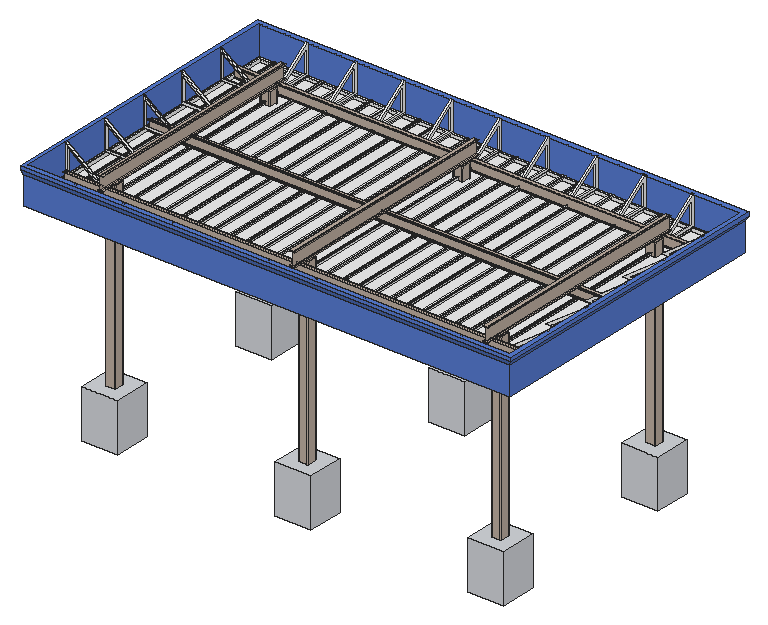
Revit family "Canopy_AustinMohawk_Tandem_2Row", category Generic Models, Revit 2026
Family settings
  Can host rebar = No
  Round Connector Dimension = Use Diameter
  Part Type = Normal
  Classification Number = 23.30.60.11.11.17
  Work Plane-Based = No
  Always vertical = Yes
  Cut with Voids When Loaded = No
  Maintain Annotation Orientation = No
  Shared = No
  Room Calculation Point = No
Parameters (values of type "ByType")
  purlext [instance] = (Purlin Length - Crossbeam CL) / 2  # 3' - 5 1/2"
  pnlcnstrnt [instance] = Canopy Length / Ceiling Panels  # 1' - 4"
  fascia = no
  faschang = 0' - 4"
  ceilext = 1' - 0 7/8"  # constant formula
  URL = "http://www.austinmohawk.com"
  SupportsW [instance] = (Canopy Width - (Purlin Lateral Offset * 2)) / 4' 0"  # 5
  SupportsL [instance] = (Canopy Length - 4' 0") / 4' 0"  # 9
  Structural Framing Material = Metal - Steel - ASTM A500 - Grade B - Rectangular and Square
  StructCLOffset = 0' - 6 27/32"
  Roof/Fascia Type [instance] = Fascia_Colonial-Foam-Core : 36"
  Purloffset = -0' - 4 15/16"
  Purlins [instance] = ((Canopy Width) / 8' 0")  # 3
  Purlin Lateral Offset = 3' - 0"
  Purlin Length [instance] = Canopy Length - 1' 1"  # 38' - 11"
  Girder Length [instance] = Canopy Width - 5' 0"  # 19' - 0"
  ftgsz = 3' - 0"
  Footing Material = Concrete - 4000psi
  ftgdpth = 4' - 0"
  Fascia Thickness = 0' - 1"
  Default Elevation = 0' - 0"
  Columns Per Row [instance] = Columns / 2  # 3
  Columns [instance] = 6
  Column Offset From Sides [instance] = 4' - 0"
  Column Offset From End [instance] = 4' - 0"
  Burial Depth [instance] = 1' - 0"
  Crossbeam CL [instance] = Canopy Length - 8' 0"  # 32' - 0"
  Column-Drainage [instance] = HSS Column : Standard column with Internal Drain
  Clearance Height [instance] = 13' - 0"
  Ceiling Panels [instance] = Canopy Length / 1' 4"  # 30
  Deck Pan Width = 1' - 4"
  Deck Pan Material [instance] = Frame - 6063-T6 Aluminum - Color As Specified
  Canopy Width [instance] = 24' - 0"
  Send Message = "http://admin.arcat.com/users.pl?action=UserEmail&company=Austin%20Mohawk%20and%20Company,%20Inc.&coid=30734&rep=121&fax=315-793-9370&mf="
  Keynote = "10 73 16"
  Fascia Material [instance] = Sheet Metal - 24 Ga - Blue
  Specification = "http://www.arcat.com/sd/clients/austinmo.html?coid=30734"
  Sales Information = "http://www.austinmohawk.com/contact.asp"
  Product Properties = "http://www.arcat.com/bim/bim_info.pl?fn=PreEngr-Building_AustinMohawk_Classic"
  Product Data = "http://www.arcat.com/arcatcos/cos30/arc30734.html"
  Column Material [instance] = Metal - Steel - ASTM A500 - Grade B - Rectangular and Square
  Model = "Canopy"
  Manufacturer Website = "http://www.austinmohawk.com"
  Manufacturer Phone - Toll Free = "800-765-3110 "
  Manufacturer Phone = "315-793-3000 "
  Manufacturer Fax = "315-793-9370"
  Manufacturer Address = "2175 Beechgrove Place, Utica, NY 13501\r\n"
  Manufacturer = "Austin Mohawk"
  Green Building-LEED = "http://www.arcat.com/green/green_building.shtml"
  Drawn By = "Robert S. Weygant. CSI, CDT, SCIP"
  Description = "Austin Mohawk Canopy - Type as specified in the Contract Documents"
  Copyright = "2009, ARCAT, Inc."
  Construction Details = "http://www.arcat.com/details/austinmo/prod0873.html"
  Canopy Length [instance] = 40' - 0"
  Assembly Code = "F1010200"
Reference planes (in)
  plane 1 "Center (Front/Back)": y = 393.56938
  plane 2: z = 0
  plane 3 "Center": x = 833.0521
  plane 4: x = 593.0521
  plane 5: x = 1073.0521
  plane 6: y = 537.56938
  plane 7 "Front": y = 249.56938
  plane 8 "Bottom of Canopy": z = 156
  plane 9 "T.O. Footing": z = -12
  plane 10: z = -60
  plane 11 "Structural CL": z = 175.71875
  plane 12: y = 507.56938
  plane 13: y = 279.56938
  plane 14: y = 501.56938
  plane 15: y = 285.56938
  plane 16: x = 599.5521
  plane 17: x = 1066.5521
  plane 18 "TO Purlin": z = 168.875
  plane 19: x = 609.0521
  plane 20 "Bottom Fascia": z = 152
  plane 21 "TO Ceiling": z = 159
  plane 22: x = 1025.0521
  plane 23: x = 641.0521
  plane 24: y = 297.56938
  plane 25: y = 489.56938
  plane 26: x = 1085.0521
  plane 27: y = 489.56938
  plane 28: y = 297.56938
Forms (in)
  Sweep 1, solid, material "Metal - Steel - ASTM A500 - Grade B - Rectangular and Square" <- "Structural Framing Material"
    path origin (0, -188.03906, 168.87695) x (0, 1, 0) y (-1, 0, 0)
      loop
        line (475.58891, -599.5521) -> (475.58891, -1066.5521)
    profile "W-Wide Flange-Profile-Fine : W10X12" origin (833.0521, 287.54985, 168.87695) x (0, 1, 0) y (0, 0, 1)
      loop
        line (-1.98047, -9.87305) -> (1.98047, -9.87305) -> (1.98047, -9.66211) -> (0.63477, -9.66211)
        arc (0.63477, -9.66211) -> (0.25359, -9.50422) -> (0.0957, -9.12305) r 0.53906
        line (0.0957, -9.12305) -> (0.0957, -0.75195)
        arc (0.0957, -0.75195) -> (0.25359, -0.37078) -> (0.63477, -0.21289) r 0.53906
        line (0.63477, -0.21289) -> (1.98047, -0.21289) -> (1.98047, -0.00195) -> (-1.98047, -0.00195) -> (-1.98047, -0.21289) -> (-0.63477, -0.21289)
        arc (-0.63477, -0.21289) -> (-0.25359, -0.37078) -> (-0.0957, -0.75195) r 0.53906
        line (-0.0957, -0.75195) -> (-0.0957, -9.12305)
        arc (-0.0957, -9.12305) -> (-0.25359, -9.50422) -> (-0.63477, -9.66211) r 0.53906
        line (-0.63477, -9.66211) -> (-1.98047, -9.66211) -> (-1.98047, -9.87305)
  Sweep 2, solid, material "Metal - Steel - ASTM A500 - Grade B - Rectangular and Square" <- "Structural Framing Material"
    path origin (0, 24, 168.87695) x (0, 1, 0) y (-1, 0, 0)
      loop
        line (475.58891, -599.5521) -> (475.58891, -1066.5521)
    profile "W-Wide Flange-Profile-Fine : W10X12" origin (833.0521, 499.58891, 168.87695) x (0, 1, 0) y (0, 0, 1)
      loop
        line (-1.98047, -9.87305) -> (1.98047, -9.87305) -> (1.98047, -9.66211) -> (0.63477, -9.66211)
        arc (0.63477, -9.66211) -> (0.25359, -9.50422) -> (0.0957, -9.12305) r 0.53906
        line (0.0957, -9.12305) -> (0.0957, -0.75195)
        arc (0.0957, -0.75195) -> (0.25359, -0.37078) -> (0.63477, -0.21289) r 0.53906
        line (0.63477, -0.21289) -> (1.98047, -0.21289) -> (1.98047, -0.00195) -> (-1.98047, -0.00195) -> (-1.98047, -0.21289) -> (-0.63477, -0.21289)
        arc (-0.63477, -0.21289) -> (-0.25359, -0.37078) -> (-0.0957, -0.75195) r 0.53906
        line (-0.0957, -0.75195) -> (-0.0957, -9.12305)
        arc (-0.0957, -9.12305) -> (-0.25359, -9.50422) -> (-0.63477, -9.66211) r 0.53906
        line (-0.63477, -9.66211) -> (-1.98047, -9.66211) -> (-1.98047, -9.87305)
  Sweep 3, solid, material "Metal - Steel - ASTM A500 - Grade B - Rectangular and Square" <- "Structural Framing Material"
    path origin (0, -82.01953, 168.87695) x (0, 1, 0) y (-1, 0, 0)
      loop
        line (475.58891, -599.5521) -> (475.58891, -1066.5521)
    profile "W-Wide Flange-Profile-Fine : W10X12" origin (833.0521, 393.56938, 168.87695) x (0, 1, 0) y (0, 0, 1)
      loop
        line (-1.98047, -9.87305) -> (1.98047, -9.87305) -> (1.98047, -9.66211) -> (0.63477, -9.66211)
        arc (0.63477, -9.66211) -> (0.25359, -9.50422) -> (0.0957, -9.12305) r 0.53906
        line (0.0957, -9.12305) -> (0.0957, -0.75195)
        arc (0.0957, -0.75195) -> (0.25359, -0.37078) -> (0.63477, -0.21289) r 0.53906
        line (0.63477, -0.21289) -> (1.98047, -0.21289) -> (1.98047, -0.00195) -> (-1.98047, -0.00195) -> (-1.98047, -0.21289) -> (-0.63477, -0.21289)
        arc (-0.63477, -0.21289) -> (-0.25359, -0.37078) -> (-0.0957, -0.75195) r 0.53906
        line (-0.0957, -0.75195) -> (-0.0957, -9.12305)
        arc (-0.0957, -9.12305) -> (-0.25359, -9.50422) -> (-0.63477, -9.66211) r 0.53906
        line (-0.63477, -9.66211) -> (-1.98047, -9.66211) -> (-1.98047, -9.87305)
  Extrusion 4, solid, material "Frame - 6063-T6 Aluminum - Color As Specified" <- "Deck Pan Material"
    sketch origin (0, 0, 159) x (-1, 0, 0) y (0, -1, 0)
      loop
        line (-593.0521, -537.56938) -> (-593.0521, -249.56938) -> (-1073.0521, -249.56938) -> (-1073.0521, -537.56938) -> (-593.0521, -537.56938)
      loop
        line (-596.0521, -534.56938) -> (-596.0521, -252.56938) -> (-1070.0521, -252.56938) -> (-1070.0521, -534.56938) -> (-596.0521, -534.56938)
    from -7 to 0
Dimensions and locks (in)
  "Burial Depth": plane 2 to plane 9 "T.O. Footing"
  "ftgdpth": plane 9 "T.O. Footing" to plane 10
  "Clearance Height": plane 8 "Bottom of Canopy" to plane 2
  equal spacing: plane 4, plane 3 "Center", plane 5
  equal spacing: plane 6, plane 1 "Center (Front/Back)", plane 7 "Front"
  "Canopy Length": plane 4 to plane 5
  "Canopy Width": plane 6 to plane 7 "Front"
  equal spacing: plane 12, plane 1 "Center (Front/Back)", plane 13
  "Girder Length": plane 12 to plane 13
  "Purlin Lateral Offset": plane 6 to plane 14
  "Purlin Lateral Offset": plane 15 to plane 7 "Front"
  equal spacing: plane 16, plane 3 "Center", plane 17
  "Purlin Length": plane 16 to plane 17
  "StructCLOffset": plane 11 "Structural CL" to plane 18 "TO Purlin"
  equal spacing: group 1, group 42, group 2  (x3)
  "Purlin Length": Sweep 1 sketch curve to Sweep 1 sketch curve
  "Purlin Length": Sweep 2 sketch curve to Sweep 2 sketch curve
  locked: plane 18 "TO Purlin" to plane 8 "Bottom of Canopy" at 12.875
  "pnlcnstrnt": plane 19 to plane 4
  equal spacing: group 3, group 4, group 5, group 6, group 7, group 8, group 9, group 10, group 11, group 12, group 13, group 14, group 15, group 16, group 17, group 18, group 19, group 20, group 21, group 22, group 23, group 24, group 25, group 26, group 27, group 28, group 29, group 30, group 31, group 32  (x3)
  "faschang": plane 8 "Bottom of Canopy" to plane 20 "Bottom Fascia"
  locked: plane 21 "TO Ceiling" to plane 8 "Bottom of Canopy" at 3
  "Column Offset From End": plane 23 to plane 4
  "Column Offset From End": plane 5 to plane 22
  equal spacing: group 34, group 35, group 33
  equal spacing: group 33, group 35, group 34  (x2)
  "Column Offset From Sides": plane 6 to plane 25
  "Column Offset From Sides": plane 24 to plane 7 "Front"
  equal spacing: group 37, group 38, group 36
  equal spacing: group 36, group 38, group 37  (x2)
  equal spacing: group 40, group 41, group 39
  equal spacing: group 39, group 41, group 40  (x2)
  "Purlin Length": Sweep 3 sketch curve to Sweep 3 sketch curve
  locked: Extrusion 4 sketch curve to Extrusion 4 sketch curve at 3  (x4)
  aligned and locked: plane 2 to level
  aligned and locked: Sweep 1 to plane 15
  aligned and locked: Sweep 2 to plane 14
  aligned and locked: plane 6 to nested 1
  aligned and locked: plane 4 to nested 1
  aligned and locked: plane 19 to nested 2
  aligned and locked: plane 7 "Front" to nested 2
  aligned and locked: nested 2 to plane 6
  aligned and locked: plane 18 "TO Purlin" to Sweep 2
  aligned and locked: plane 18 "TO Purlin" to Sweep 1
  aligned and locked: plane 9 "T.O. Footing" to nested 16
  aligned and locked: nested 32 to plane 10
  aligned and locked: plane 22 to nested 16
  aligned and locked: plane 22 to nested 32
  aligned and locked: plane 1 "Center (Front/Back)" to nested 33
  aligned and locked: plane 22 to nested 33
  aligned and locked: nested 33 to plane 18 "TO Purlin"
  aligned and locked: plane 23 to nested 34
  aligned and locked: nested 34 to plane 18 "TO Purlin"
  aligned and locked: plane 1 "Center (Front/Back)" to nested 34
  aligned and locked: nested 32 to plane 24
  aligned and locked: nested 16 to plane 24
  aligned and locked: plane 22 to nested 36
  aligned and locked: plane 22 to nested 37
  aligned and locked: nested 37 to plane 10
  aligned and locked: plane 9 "T.O. Footing" to nested 36
  aligned and locked: nested 36 to plane 25
  aligned and locked: nested 37 to plane 25
  aligned and locked: nested 38 to plane 25
  aligned and locked: nested 39 to plane 25
  aligned and locked: plane 23 to nested 39
  aligned and locked: plane 23 to nested 38
  aligned and locked: nested 39 to plane 10
  aligned and locked: plane 9 "T.O. Footing" to nested 38
  aligned and locked: plane 23 to nested 43
  aligned and locked: plane 23 to nested 42
  aligned and locked: nested 42 to plane 24
  aligned and locked: nested 43 to plane 24
  aligned and locked: nested 43 to plane 10
  aligned and locked: plane 9 "T.O. Footing" to nested 42
  aligned and locked: plane 7 "Front" to Extrusion 4 sketch curve
  aligned and locked: Extrusion 4 sketch curve to plane 5
  aligned and locked: Extrusion 4 sketch curve to plane 6
  aligned and locked: plane 4 to Extrusion 4 sketch curve
  aligned and locked: Extrusion 4 to plane 21 "TO Ceiling"
  aligned and locked: Extrusion 4 to plane 20 "Bottom Fascia"
  aligned and locked: plane 25 to plane 27
  aligned and locked: plane 24 to plane 28
  aligned and locked: plane 8 "Bottom of Canopy" to nested 46
  aligned and locked: nested 46 to plane 3 "Center"
  aligned and locked: plane 1 "Center (Front/Back)" to nested 46
Nested families (in)
  nested 1: "ceiling panel" at (593.0521, 537.56938, 156), length <- "Canopy Width", Wdth <- "pnlcnstrnt", built-in parameter 1001364 <- "Clearance Height", type "ceiling panel", detail levels fine
    with length 24' - 0", Wdth 1' - 4"
  nested 2: "ceiling panel" at (609.0521, 537.56938, 156), length <- "Canopy Width", Wdth <- "pnlcnstrnt", built-in parameter 1001364 <- "Clearance Height", type "ceiling panel", detail levels fine
    with length 24' - 0", Wdth 1' - 4"
  nested 3: "ceiling panel" at (625.0521, 537.56938, 156), length <- "Canopy Width", Wdth <- "pnlcnstrnt", built-in parameter 1001364 <- "Clearance Height", type "ceiling panel", detail levels fine
    with length 24' - 0", Wdth 1' - 4"
  nested 4: "ceiling panel" at (641.0521, 537.56938, 156), length <- "Canopy Width", Wdth <- "pnlcnstrnt", built-in parameter 1001364 <- "Clearance Height", type "ceiling panel", detail levels fine
    with length 24' - 0", Wdth 1' - 4"
  nested 5: "ceiling panel" at (657.0521, 537.56938, 156), length <- "Canopy Width", Wdth <- "pnlcnstrnt", built-in parameter 1001364 <- "Clearance Height", type "ceiling panel", detail levels fine
    with length 24' - 0", Wdth 1' - 4"
  nested 6: "ceiling panel" at (673.0521, 537.56938, 156), length <- "Canopy Width", Wdth <- "pnlcnstrnt", built-in parameter 1001364 <- "Clearance Height", type "ceiling panel", detail levels fine
    with length 24' - 0", Wdth 1' - 4"
  nested 7: "ceiling panel" at (689.0521, 537.56938, 156), length <- "Canopy Width", Wdth <- "pnlcnstrnt", built-in parameter 1001364 <- "Clearance Height", type "ceiling panel", detail levels fine
    with length 24' - 0", Wdth 1' - 4"
  nested 8: "ceiling panel" at (705.0521, 537.56938, 156), length <- "Canopy Width", Wdth <- "pnlcnstrnt", built-in parameter 1001364 <- "Clearance Height", type "ceiling panel", detail levels fine
    with length 24' - 0", Wdth 1' - 4"
  nested 9: "ceiling panel" at (721.0521, 537.56938, 156), length <- "Canopy Width", Wdth <- "pnlcnstrnt", built-in parameter 1001364 <- "Clearance Height", type "ceiling panel", detail levels fine
    with length 24' - 0", Wdth 1' - 4"
  nested 10: "ceiling panel" at (737.0521, 537.56938, 156), length <- "Canopy Width", Wdth <- "pnlcnstrnt", built-in parameter 1001364 <- "Clearance Height", type "ceiling panel", detail levels fine
    with length 24' - 0", Wdth 1' - 4"
  nested 11: "ceiling panel" at (753.0521, 537.56938, 156), length <- "Canopy Width", Wdth <- "pnlcnstrnt", built-in parameter 1001364 <- "Clearance Height", type "ceiling panel", detail levels fine
    with length 24' - 0", Wdth 1' - 4"
  nested 12: "ceiling panel" at (769.0521, 537.56938, 156), length <- "Canopy Width", Wdth <- "pnlcnstrnt", built-in parameter 1001364 <- "Clearance Height", type "ceiling panel", detail levels fine
    with length 24' - 0", Wdth 1' - 4"
  nested 13: "ceiling panel" at (785.0521, 537.56938, 156), length <- "Canopy Width", Wdth <- "pnlcnstrnt", built-in parameter 1001364 <- "Clearance Height", type "ceiling panel", detail levels fine
    with length 24' - 0", Wdth 1' - 4"
  nested 14: "ceiling panel" at (801.0521, 537.56938, 156), length <- "Canopy Width", Wdth <- "pnlcnstrnt", built-in parameter 1001364 <- "Clearance Height", type "ceiling panel", detail levels fine
    with length 24' - 0", Wdth 1' - 4"
  nested 15: "ceiling panel" at (817.0521, 537.56938, 156), length <- "Canopy Width", Wdth <- "pnlcnstrnt", built-in parameter 1001364 <- "Clearance Height", type "ceiling panel", detail levels fine
    with length 24' - 0", Wdth 1' - 4"
  nested 16: "HSS Column" at (1025.0521, 297.56938, 0), type <- "Column-Drainage", height <- "Clearance Height", ceilext <- "ceilext", type "Standard column with Internal Drain"
    with height 13' - 0", ceilext 1' - 0 7/8"
  nested 17: "ceiling panel" at (833.0521, 537.56938, 156), length <- "Canopy Width", Wdth <- "pnlcnstrnt", built-in parameter 1001364 <- "Clearance Height", type "ceiling panel", detail levels fine
    with length 24' - 0", Wdth 1' - 4"
  nested 18: "ceiling panel" at (849.0521, 537.56938, 156), length <- "Canopy Width", Wdth <- "pnlcnstrnt", built-in parameter 1001364 <- "Clearance Height", type "ceiling panel", detail levels fine
    with length 24' - 0", Wdth 1' - 4"
  nested 19: "ceiling panel" at (865.0521, 537.56938, 156), length <- "Canopy Width", Wdth <- "pnlcnstrnt", built-in parameter 1001364 <- "Clearance Height", type "ceiling panel", detail levels fine
    with length 24' - 0", Wdth 1' - 4"
  nested 20: "ceiling panel" at (881.0521, 537.56938, 156), length <- "Canopy Width", Wdth <- "pnlcnstrnt", built-in parameter 1001364 <- "Clearance Height", type "ceiling panel", detail levels fine
    with length 24' - 0", Wdth 1' - 4"
  nested 21: "ceiling panel" at (897.0521, 537.56938, 156), length <- "Canopy Width", Wdth <- "pnlcnstrnt", built-in parameter 1001364 <- "Clearance Height", type "ceiling panel", detail levels fine
    with length 24' - 0", Wdth 1' - 4"
  nested 22: "ceiling panel" at (913.0521, 537.56938, 156), length <- "Canopy Width", Wdth <- "pnlcnstrnt", built-in parameter 1001364 <- "Clearance Height", type "ceiling panel", detail levels fine
    with length 24' - 0", Wdth 1' - 4"
  nested 23: "ceiling panel" at (929.0521, 537.56938, 156), length <- "Canopy Width", Wdth <- "pnlcnstrnt", built-in parameter 1001364 <- "Clearance Height", type "ceiling panel", detail levels fine
    with length 24' - 0", Wdth 1' - 4"
  nested 24: "ceiling panel" at (945.0521, 537.56938, 156), length <- "Canopy Width", Wdth <- "pnlcnstrnt", built-in parameter 1001364 <- "Clearance Height", type "ceiling panel", detail levels fine
    with length 24' - 0", Wdth 1' - 4"
  nested 25: "ceiling panel" at (961.0521, 537.56938, 156), length <- "Canopy Width", Wdth <- "pnlcnstrnt", built-in parameter 1001364 <- "Clearance Height", type "ceiling panel", detail levels fine
    with length 24' - 0", Wdth 1' - 4"
  nested 26: "ceiling panel" at (977.0521, 537.56938, 156), length <- "Canopy Width", Wdth <- "pnlcnstrnt", built-in parameter 1001364 <- "Clearance Height", type "ceiling panel", detail levels fine
    with length 24' - 0", Wdth 1' - 4"
  nested 27: "ceiling panel" at (993.0521, 537.56938, 156), length <- "Canopy Width", Wdth <- "pnlcnstrnt", built-in parameter 1001364 <- "Clearance Height", type "ceiling panel", detail levels fine
    with length 24' - 0", Wdth 1' - 4"
  nested 28: "ceiling panel" at (1009.0521, 537.56938, 156), length <- "Canopy Width", Wdth <- "pnlcnstrnt", built-in parameter 1001364 <- "Clearance Height", type "ceiling panel", detail levels fine
    with length 24' - 0", Wdth 1' - 4"
  nested 29: "ceiling panel" at (1025.0521, 537.56938, 156), length <- "Canopy Width", Wdth <- "pnlcnstrnt", built-in parameter 1001364 <- "Clearance Height", type "ceiling panel", detail levels fine
    with length 24' - 0", Wdth 1' - 4"
  nested 30: "ceiling panel" at (1041.0521, 537.56938, 156), length <- "Canopy Width", Wdth <- "pnlcnstrnt", built-in parameter 1001364 <- "Clearance Height", type "ceiling panel", detail levels fine
    with length 24' - 0", Wdth 1' - 4"
  nested 31: "ceiling panel" at (1057.0521, 537.56938, 156), length <- "Canopy Width", Wdth <- "pnlcnstrnt", built-in parameter 1001364 <- "Clearance Height", type "ceiling panel", detail levels fine
    with length 24' - 0", Wdth 1' - 4"
  nested 32: "footing" at (1025.0521, 297.56938, -60), type "footing"
    with size 3' - 0", depth 4' - 0"
  nested 33: "W14" at (1025.0521, 393.56938, 168.875), type "W14"
    with length 19' - 0"
  nested 34: "W14" at (641.0521, 393.56938, 168.875), type "W14"
    with length 19' - 0"
  nested 35: "W14" at (833.0521, 393.56938, 168.875), type "W14"
    with length 19' - 0"
  nested 36: "HSS Column" at (1025.0521, 489.56938, 0), type <- "Column-Drainage", height <- "Clearance Height", ceilext <- "ceilext", type "Standard column with Internal Drain"
    with height 13' - 0", ceilext 1' - 0 7/8"
  nested 37: "footing" at (1025.0521, 489.56938, -60), type "footing"
    with size 3' - 0", depth 4' - 0"
  nested 38: "HSS Column" at (641.0521, 489.56938, 0), type <- "Column-Drainage", height <- "Clearance Height", ceilext <- "ceilext", type "Standard column with Internal Drain"
    with height 13' - 0", ceilext 1' - 0 7/8"
  nested 39: "footing" at (641.0521, 489.56938, -60), type "footing"
    with size 3' - 0", depth 4' - 0"
  nested 40: "HSS Column" at (833.0521, 489.56938, 0), type <- "Column-Drainage", height <- "Clearance Height", ceilext <- "ceilext", type "Standard column with Internal Drain"
    with height 13' - 0", ceilext 1' - 0 7/8"
  nested 41: "footing" at (833.0521, 489.56938, -60), type "footing"
    with size 3' - 0", depth 4' - 0"
  nested 42: "HSS Column" at (641.0521, 297.56938, 0), type <- "Column-Drainage", height <- "Clearance Height", ceilext <- "ceilext", type "Standard column with Internal Drain"
    with height 13' - 0", ceilext 1' - 0 7/8"
  nested 43: "footing" at (641.0521, 297.56938, -60), type "footing"
    with size 3' - 0", depth 4' - 0"
  nested 44: "HSS Column" at (833.0521, 297.56938, 0), type <- "Column-Drainage", height <- "Clearance Height", ceilext <- "ceilext", type "Standard column with Internal Drain"
    with height 13' - 0", ceilext 1' - 0 7/8"
  nested 45: "footing" at (833.0521, 297.56938, -60), type "footing"
    with size 3' - 0", depth 4' - 0"
  nested 46: "Fascia_Colonial-Foam-Core" at (833.0521, 393.56938, 156), Width <- "Canopy Length", Length <- "Canopy Width", Facia Material <- "Fascia Material", type <- "Roof/Fascia Type", type "36""
    with built-in parameter 1001301 40' - 0", Supports W 9, Supports L 5, Length 24' - 0", Facia Material Sheet Metal - 24 Ga - Blue, sprtht 2' - 5"
Definition of nested family "ceiling panel"
  Parameters
    length [instance] = 7' - 10.44661"
    ceiling material = none
    Wdth [instance] = 1' - 4"
    Default Elevation = 0' - 0"
  Reference planes (in)
    plane 1 "Center (Front/Back)": y = 0
    plane 2: z = 0
    plane 3 "Center (Left/Right)": x = 0
    plane 4: x = 16
    plane 5: y = -94.44661
  Forms (in)
    Extrusion 1, solid, material <- "ceiling material"
      sketch origin (0, 0, 0) x (1, 0, 0) y (0, 0, 1)
        loop
          line (0, 0) -> (16, 0) -> (16, 3) -> (14.75, 3) -> (14.75, 2.75) -> (15.75, 2.75) -> (15.75, 0.25) -> (0.25, 0.25) -> (0.25, 2.75) -> (1.25, 2.75) -> (1.25, 3) -> (0, 3) -> (0, 0)
      from 0 to 94.44661
  Dimensions and locks (in)
    Extrusion 1 sketch curve to Extrusion 1 sketch curve = 0' - 0 1/4"  (x2)
    locked: Extrusion 1 sketch curve to Extrusion 1 sketch curve at 1.25  (x2)
    locked: Extrusion 1 sketch curve to Extrusion 1 sketch curve at 0.25  (x3)
    "Wdth": plane 4 to plane 3 "Center (Left/Right)"
    "length": plane 5 to plane 1 "Center (Front/Back)"
    aligned and locked: plane 3 "Center (Left/Right)" to Extrusion 1 sketch curve
    aligned and locked: Extrusion 1 sketch curve to level
    aligned and locked: plane 4 to Extrusion 1 sketch curve
    aligned and locked: Extrusion 1 to plane 5
    aligned and locked: Extrusion 1 to plane 1 "Center (Front/Back)"
  Automatic sketch dimensions
    Extrusion 1 sketch curve to Extrusion 1 sketch curve = 0' - 2 1/2"  (x2)
Definition of nested family "HSS Column"
  Parameters
    material = none
    height [instance] = 6' - 0 95/256"
    drnloc = 0' - 6 1/2"
    ceilext [instance] = 0' - 8"
    burial depth = 1' - 0"
    Shroud = no
    Manufacturer = "Austin Mohawk"
    Ext Drain = no
    Assembly Code = ""
  Reference planes (in)
    plane 1 "Center (Front/Back)": y = 0
    plane 2: z = 0
    plane 3 "Center (Left/Right)": x = 0
    plane 4: z = 72.37109
    plane 5: z = 2
    plane 6: z = -12
    plane 7: z = 80.37109
  Forms (in)
    Extrusion 1, solid, material <- "material", visible <- "Shroud"
      sketch origin (0, 0, 0) x (1, 0, 0) y (0, 1, 0)
        loop
          line (-8, 12) -> (-8, -12) -> (8, -12) -> (8, 12) -> (-8, 12)
        loop
          line (-7.75, 11.75) -> (-7.75, -11.75) -> (7.75, -11.75) -> (7.75, 11.75) -> (-7.75, 11.75)
      from 0 to 72.37109
    Sweep 2, solid, material <- "material", visible <- "Ext Drain"
      path origin (0, 0, 0) x (1, 0, 0) y (0, 0, 1)
        loop
          line (6.5, 72.37109) -> (6.5, 4)
          arc (6.5, 4) -> (7.08579, 2.58579) -> (8.5, 2) r 2
          line (8.5, 2) -> (10.5, 2)
      profile origin (6.5, 0, 38.18555) x (0, -1, 0) y (1, 0, 0)
        loop
          circle (0, 0) r 1.5
    Sweep 3, solid, material <- "material"
      path origin (0, 0, 0) x (1, 0, 0) y (0, 0, 1)
        loop
          line (0, 80.37109) -> (0, -12)
      profile "Hollow-Structural-Section-Profile-Fine : HSS10X10X1/2" origin (0, 0, 34.18555) x (1, 0, 0) y (0, -1, 0)
        loop
          arc (-4.07031, 4.53516) -> (-4.39901, 4.39901) -> (-4.53516, 4.07031) r 0.46484
          line (-4.53516, 4.07031) -> (-4.53516, -4.07031)
          arc (-4.53516, -4.07031) -> (-4.39901, -4.39901) -> (-4.07031, -4.53516) r 0.46484
          line (-4.07031, -4.53516) -> (4.07031, -4.53516)
          arc (4.07031, -4.53516) -> (4.39901, -4.39901) -> (4.53516, -4.07031) r 0.46484
          line (4.53516, -4.07031) -> (4.53516, 4.07031)
          arc (4.53516, 4.07031) -> (4.39901, 4.39901) -> (4.07031, 4.53516) r 0.46484
          line (4.07031, 4.53516) -> (-4.07031, 4.53516)
        loop
          arc (-5, -4.07031) -> (-4.7277, -4.7277) -> (-4.07031, -5) r 0.92969
          line (-4.07031, -5) -> (4.07031, -5)
          arc (4.07031, -5) -> (4.7277, -4.7277) -> (5, -4.07031) r 0.92969
          line (5, -4.07031) -> (5, 4.07031)
          arc (5, 4.07031) -> (4.7277, 4.7277) -> (4.07031, 5) r 0.92969
          line (4.07031, 5) -> (-4.07031, 5)
          arc (-4.07031, 5) -> (-4.7277, 4.7277) -> (-5, 4.07031) r 0.92969
          line (-5, 4.07031) -> (-5, -4.07031)
  Dimensions and locks (in)
    locked: Extrusion 1 sketch curve to Extrusion 1 sketch curve at 24
    locked: Extrusion 1 sketch curve to Extrusion 1 sketch curve at 16
    locked: Extrusion 1 sketch curve to Extrusion 1 sketch curve at 0.25  (x4)
    "height": plane 4 to plane 2
    "ceilext": plane 7 to plane 4
    "drnloc": Sweep 2 sketch curve to plane 3 "Center (Left/Right)"
    "burial depth": plane 2 to plane 6
    locked: plane 5 to plane 2 at 2
    aligned and locked: plane 4 to Extrusion 1
    aligned and locked: Sweep 2 sketch curve to plane 5
    aligned and locked: plane 7 to Sweep 3 sketch curve
    aligned and locked: Sweep 3 sketch curve to plane 3 "Center (Left/Right)"
    aligned and locked: plane 2 to level
    aligned and locked: plane 6 to Sweep 3 sketch curve
    aligned and locked: Extrusion 1 to plane 2
  Automatic sketch dimensions
    Extrusion 1 sketch curve to plane 3 "Center (Left/Right)" = 0' - 8"
    plane 1 "Center (Front/Back)" to Extrusion 1 sketch curve = 1' - 0"
    Sweep 2 sketch curve to plane 4 = 0' - 0"
    Sweep 2 sketch curve to Sweep 2 sketch curve = 0' - 2"  (x2)
    Sweep 2 sketch curve to plane 1 "Center (Front/Back)" = 0' - 0"
    Sweep 2 sketch curve to profile plane = 0' - 0"
    radius of Sweep 2 sketch curve = 0' - 1 1/2"
Definition of nested family "footing"
  Parameters
    size = 1' - 6"
    material = none
    depth = 3' - 3.60396"
    Default Elevation = 0' - 0"
  Reference planes (in)
    plane 1 "Center (Front/Back)": y = 0
    plane 2: z = 0
    plane 3 "Center (Left/Right)": x = 0
    plane 4: x = -9
    plane 5: x = 9
    plane 6: y = 9
    plane 7: y = -9
    plane 8: z = 39.60396
  Forms (in)
    Extrusion 1, solid, material <- "material"
      sketch origin (0, 0, 0) x (1, 0, 0) y (0, 1, 0)
        loop
          line (-9, 9) -> (-9, -9) -> (9, -9) -> (9, 9) -> (-9, 9)
      from 0 to 39.60396
  Dimensions and locks (in)
    equal spacing: plane 6, plane 1 "Center (Front/Back)", plane 7
    equal spacing: plane 4, plane 3 "Center (Left/Right)", plane 5
    "size": plane 4 to plane 5
    "size": plane 6 to plane 7
    "depth": plane 8 to plane 2
    aligned and locked: Extrusion 1 sketch curve to plane 5
    aligned and locked: plane 7 to Extrusion 1 sketch curve
    aligned and locked: plane 4 to Extrusion 1 sketch curve
    aligned and locked: Extrusion 1 sketch curve to plane 6
    aligned and locked: plane 8 to Extrusion 1
    aligned and locked: Extrusion 1 to plane 2
Definition of nested family "W14"
  Parameters
    material = none
    length = 4' - 2.50185"
    Default Elevation = 0' - 0"
  Reference planes (in)
    plane 1 "Center (Front/Back)": y = 0
    plane 2: z = 0
    plane 3 "Center (Left/Right)": x = 0
    plane 4: y = 25.25092
    plane 5: y = -25.25092
  Forms (in)
    Extrusion 1, solid, material <- "material"
      sketch origin (0, 0, 0) x (1, 0, 0) y (0, 0, 1)
        loop
          line (2.5, 13.69922) -> (-2.5, 13.69922) -> (-2.5, 13.36328) -> (-0.6543, 13.36328)
          arc (-0.6543, 13.36328) -> (-0.27312, 13.20539) -> (-0.11523, 12.82422) r 0.53906
          line (-0.11523, 12.82422) -> (-0.11523, 0.875)
          arc (-0.11523, 0.875) -> (-0.27312, 0.49383) -> (-0.6543, 0.33594) r 0.53906
          line (-0.6543, 0.33594) -> (-2.5, 0.33594) -> (-2.5, 0) -> (2.5, 0) -> (2.5, 0.33594) -> (0.6543, 0.33594)
          arc (0.6543, 0.33594) -> (0.27312, 0.49383) -> (0.11523, 0.875) r 0.53906
          line (0.11523, 0.875) -> (0.11523, 12.82422)
          arc (0.11523, 12.82422) -> (0.27312, 13.20539) -> (0.6543, 13.36328) r 0.53906
          line (0.6543, 13.36328) -> (2.5, 13.36328) -> (2.5, 13.69922)
      from 25.25092 to -25.25092
  Dimensions and locks (in)
    locked: Extrusion 1 sketch curve to Extrusion 1 sketch curve at 5  (x2)
    locked: Extrusion 1 sketch curve to Extrusion 1 sketch curve at 0.23047
    locked: Extrusion 1 sketch curve to Extrusion 1 sketch curve at 0.33594  (x4)
    locked: Extrusion 1 sketch curve to Extrusion 1 sketch curve at 13.69922
    equal spacing: plane 4, plane 1 "Center (Front/Back)", plane 5
    "length": plane 4 to plane 5
    aligned and locked: plane 4 to Extrusion 1
    aligned and locked: Extrusion 1 to plane 4  (x2)
    aligned and locked: Extrusion 1 to plane 5
  Automatic sketch dimensions
    Extrusion 1 sketch curve to level = 0' - 0"
    Extrusion 1 sketch curve to plane 3 "Center (Left/Right)" = 0' - 2 1/2"  (x2)
    Extrusion 1 sketch curve to plane 3 "Center (Left/Right)" = 0' - 0.6543"  (x2)
    Extrusion 1 sketch curve to plane 3 "Center (Left/Right)" = 0' - 0.11523"
    plane 3 "Center (Left/Right)" to Extrusion 1 sketch curve = 0' - 0.6543"  (x2)
Definition of nested family "Fascia_Colonial-Foam-Core"
  Parameters
    vertical offset = 0' - 4"
    support offset = 4' - 0"
    sprtht = Height - vertical offset - 0' 3"  # 3' - 1"
    Width [instance] = 30' - 0"
    Supports W [instance] = Width / support offset - 1  # 7
    Supports L [instance] = Length / support offset - 1  # 9
    Length [instance] = 40' - 0"
    Height = 3' - 8"
    Facia Material [instance] = none
    Default Elevation = 0' - 0"
  Reference planes (in)
    plane 1 "Center (Front/Back)": y = 0
    plane 2 "Bottom": z = 0
    plane 3 "Center (Left/Right)": x = 0
    plane 4 "Back": y = 240
    plane 5 "Front": y = -240
    plane 6 "Right": x = 180
    plane 7 "Left": x = -180
    plane 8 "Top": z = 40
    plane 9: z = -4
    plane 10: y = -192
    plane 11: x = 132
    plane 12: x = -132
    plane 13: y = 192
    plane 14: y = 192
    plane 15: y = -192
    plane 16: x = -132
    plane 17: x = 132
    plane 18: y = -144
    plane 19: y = -96
    plane 20: y = -48
    plane 21: y = 0
    plane 22: y = 144
    plane 23: y = 96
    plane 24: y = 48
    plane 25: y = 0
    plane 26: y = 48
    plane 27: y = -48
    plane 28: x = 88
    plane 29: x = 44
    plane 30: x = -88
    plane 31: x = -44
    plane 32: y = 96
    plane 33: y = 144
    plane 34: y = -96
    plane 35: y = -144
    plane 36: x = 0
    plane 37: x = -44
    plane 38: x = -88
    plane 39: x = 0
    plane 40: x = 44
    plane 41: x = 88
    plane 42: z = 3
  Forms (in)
    Sweep 1, solid, material <- "Facia Material"
      path origin (0, 0, 0) x (1, 0, 0) y (0, 1, 0)
        loop
          line (-180, 240) -> (-180, -240) -> (180, -240) -> (180, 240) -> (-180, 240)
      profile origin (0, 240, 0) x (0, 1, 0) y (0, 0, 1)
        loop
          line (0, -4) -> (2, -4) -> (2, 32) -> (4, 36) -> (4, 40) -> (0, 40) -> (0, -4)
  Dimensions and locks (in)
    equal spacing: plane 7 "Left", plane 3 "Center (Left/Right)", plane 6 "Right"
    equal spacing: plane 4 "Back", plane 1 "Center (Front/Back)", plane 5 "Front"
    "Width": plane 7 "Left" to plane 6 "Right"
    "Length": plane 4 "Back" to plane 5 "Front"
    "Height": plane 8 "Top" to plane 9
    "vertical offset": plane 2 "Bottom" to plane 9
    "support offset": plane 4 "Back" to plane 13
    "support offset": plane 7 "Left" to plane 12
    "support offset": plane 10 to plane 5 "Front"
    "support offset": plane 11 to plane 6 "Right"
    equal spacing: group 1, group 9, group 10, group 11, group 12, group 17, group 23, group 24, group 2  (x3)
    "support offset": plane 4 "Back" to plane 14
    equal spacing: group 3, group 13, group 14, group 15, group 16, group 18, group 25, group 26, group 4  (x2)
    equal spacing: group 4, group 26, group 25, group 18, group 16, group 15, group 14, group 13, group 3
    "support offset": plane 15 to plane 5 "Front"
    equal spacing: group 6, group 29, group 28, group 27, group 20, group 19, group 5
    equal spacing: group 5, group 19, group 20, group 27, group 28, group 29, group 6  (x2)
    "support offset": plane 7 "Left" to plane 16
    equal spacing: group 7, group 21, group 22, group 30, group 31, group 32, group 8  (x3)
    "support offset": plane 17 to plane 6 "Right"
    locked: plane 42 to level at 3
    Sweep 1 sketch curve to Sweep 1 sketch curve = 0' - 8"
    equal spacing: Sweep 1 sketch curve, Sweep 1 sketch curve, Sweep 1 sketch curve  (x2)
    aligned and locked: plane 7 "Left" to Sweep 1 sketch curve
    aligned and locked: Sweep 1 sketch curve to plane 4 "Back"
    aligned and locked: Sweep 1 sketch curve to plane 5 "Front"
    aligned and locked: Sweep 1 sketch curve to plane 6 "Right"
    aligned and locked: plane 8 "Top" to Sweep 1 sketch curve
    aligned and locked: Sweep 1 sketch curve to plane 9
    aligned and locked: nested 4 to plane 13
    aligned and locked: plane 12 to nested 3
    aligned and locked: plane 10 to nested 1
    aligned and locked: plane 11 to nested 2
    aligned and locked: plane 5 "Front" to nested 2
    aligned and locked: nested 1 to plane 7 "Left"
    aligned and locked: plane 4 "Back" to nested 3
    aligned and locked: plane 6 "Right" to nested 4
    aligned and locked: plane 14 to nested 5
    aligned and locked: nested 6 to plane 15
    aligned and locked: plane 16 to nested 7
    aligned and locked: plane 17 to nested 8
    aligned and locked: plane 18 to nested 9
    aligned and locked: plane 19 to nested 10
    aligned and locked: plane 20 to nested 11
    aligned and locked: plane 21 to nested 12
    aligned and locked: nested 13 to plane 22
    aligned and locked: nested 14 to plane 23
    aligned and locked: nested 15 to plane 24
    aligned and locked: nested 16 to plane 25
    aligned and locked: nested 8 to plane 4 "Back"
    aligned and locked: nested 5 to plane 7 "Left"
    aligned and locked: nested 6 to plane 6 "Right"
    aligned and locked: nested 7 to plane 5 "Front"
    aligned and locked: plane 26 to nested 17
    aligned and locked: nested 18 to plane 27
    aligned and locked: plane 28 to nested 19
    aligned and locked: plane 29 to nested 20
    aligned and locked: plane 30 to nested 21
    aligned and locked: plane 31 to nested 22
    aligned and locked: plane 32 to nested 23
    aligned and locked: plane 33 to nested 24
    aligned and locked: nested 25 to plane 34
    aligned and locked: nested 26 to plane 35
    aligned and locked: plane 36 to nested 27
    aligned and locked: plane 37 to nested 28
    aligned and locked: plane 38 to nested 29
    aligned and locked: plane 39 to nested 30
    aligned and locked: plane 40 to nested 31
    aligned and locked: plane 41 to nested 32
    aligned and locked: plane 42 to nested 6
    aligned and locked: plane 42 to nested 26
    aligned and locked: plane 42 to nested 25
    aligned and locked: plane 42 to nested 5
    aligned and locked: plane 42 to nested 1
    aligned and locked: plane 42 to nested 7
    aligned and locked: plane 42 to nested 2
    aligned and locked: plane 42 to nested 8
    aligned and locked: plane 42 to nested 3
  Automatic sketch dimensions
    Sweep 1 sketch curve to profile plane = 0' - 0"
    Sweep 1 sketch curve to Sweep 1 sketch curve = 0' - 8"
    Sweep 1 sketch curve to profile plane = 0' - 2"
  Nested families (in)
    nested 1: "Support Brace" at (-180, -192, 3) x (-1, 0, 0) z (0, 0, 1), Height <- "sprtht", type "Support Brace"
      with Height 3' - 1"
    nested 2: "Support Brace" at (132, -240, 3) x (0, -1, 0) z (0, 0, 1), Height <- "sprtht", type "Support Brace"
      with Height 3' - 1"
    nested 3: "Support Brace" at (-132, 240, 3) x (0, 1, 0) z (0, 0, 1), Height <- "sprtht", type "Support Brace"
      with Height 3' - 1"
    nested 4: "Support Brace" at (180, 192, 3), Height <- "sprtht", type "Support Brace"
      with Height 3' - 1"
    nested 5: "Support Brace" at (-180, 192, 3) x (-1, 0, 0) z (0, 0, 1), Height <- "sprtht", type "Support Brace"
      with Height 3' - 1"
    nested 6: "Support Brace" at (180, -192, 3), Height <- "sprtht", type "Support Brace"
      with Height 3' - 1"
    nested 7: "Support Brace" at (-132, -240, 3) x (0, -1, 0) z (0, 0, 1), Height <- "sprtht", type "Support Brace"
      with Height 3' - 1"
    nested 8: "Support Brace" at (132, 240, 3) x (0, 1, 0) z (0, 0, 1), Height <- "sprtht", type "Support Brace"
      with Height 3' - 1"
    nested 9: "Support Brace" at (-180, -144, 3) x (-1, 0, 0) z (0, 0, 1), Height <- "sprtht", type "Support Brace"
      with Height 3' - 1"
    nested 10: "Support Brace" at (-180, -96, 3) x (-1, 0, 0) z (0, 0, 1), Height <- "sprtht", type "Support Brace"
      with Height 3' - 1"
    nested 11: "Support Brace" at (-180, -48, 3) x (-1, 0, 0) z (0, 0, 1), Height <- "sprtht", type "Support Brace"
      with Height 3' - 1"
    nested 12: "Support Brace" at (-180, 0, 3) x (-1, 0, 0) z (0, 0, 1), Height <- "sprtht", type "Support Brace"
      with Height 3' - 1"
    nested 13: "Support Brace" at (180, 144, 3), Height <- "sprtht", type "Support Brace"
      with Height 3' - 1"
    nested 14: "Support Brace" at (180, 96, 3), Height <- "sprtht", type "Support Brace"
      with Height 3' - 1"
    nested 15: "Support Brace" at (180, 48, 3), Height <- "sprtht", type "Support Brace"
      with Height 3' - 1"
    nested 16: "Support Brace" at (180, 0, 3), Height <- "sprtht", type "Support Brace"
      with Height 3' - 1"
    nested 17: "Support Brace" at (-180, 48, 3) x (-1, 0, 0) z (0, 0, 1), Height <- "sprtht", type "Support Brace"
      with Height 3' - 1"
    nested 18: "Support Brace" at (180, -48, 3), Height <- "sprtht", type "Support Brace"
      with Height 3' - 1"
    nested 19: "Support Brace" at (88, -240, 3) x (0, -1, 0) z (0, 0, 1), Height <- "sprtht", type "Support Brace"
      with Height 3' - 1"
    nested 20: "Support Brace" at (44, -240, 3) x (0, -1, 0) z (0, 0, 1), Height <- "sprtht", type "Support Brace"
      with Height 3' - 1"
    nested 21: "Support Brace" at (-88, 240, 3) x (0, 1, 0) z (0, 0, 1), Height <- "sprtht", type "Support Brace"
      with Height 3' - 1"
    nested 22: "Support Brace" at (-44, 240, 3) x (0, 1, 0) z (0, 0, 1), Height <- "sprtht", type "Support Brace"
      with Height 3' - 1"
    nested 23: "Support Brace" at (-180, 96, 3) x (-1, 0, 0) z (0, 0, 1), Height <- "sprtht", type "Support Brace"
      with Height 3' - 1"
    nested 24: "Support Brace" at (-180, 144, 3) x (-1, 0, 0) z (0, 0, 1), Height <- "sprtht", type "Support Brace"
      with Height 3' - 1"
    nested 25: "Support Brace" at (180, -96, 3), Height <- "sprtht", type "Support Brace"
      with Height 3' - 1"
    nested 26: "Support Brace" at (180, -144, 3), Height <- "sprtht", type "Support Brace"
      with Height 3' - 1"
    nested 27: "Support Brace" at (0, -240, 3) x (0, -1, 0) z (0, 0, 1), Height <- "sprtht", type "Support Brace"
      with Height 3' - 1"
    nested 28: "Support Brace" at (-44, -240, 3) x (0, -1, 0) z (0, 0, 1), Height <- "sprtht", type "Support Brace"
      with Height 3' - 1"
    nested 29: "Support Brace" at (-88, -240, 3) x (0, -1, 0) z (0, 0, 1), Height <- "sprtht", type "Support Brace"
      with Height 3' - 1"
    nested 30: "Support Brace" at (0, 240, 3) x (0, 1, 0) z (0, 0, 1), Height <- "sprtht", type "Support Brace"
      with Height 3' - 1"
    nested 31: "Support Brace" at (44, 240, 3) x (0, 1, 0) z (0, 0, 1), Height <- "sprtht", type "Support Brace"
      with Height 3' - 1"
    nested 32: "Support Brace" at (88, 240, 3) x (0, 1, 0) z (0, 0, 1), Height <- "sprtht", type "Support Brace"
      with Height 3' - 1"
  Definition of nested family "Support Brace"
    Parameters
      Material = none
      Height [instance] = 2' - 0"
      Default Elevation = 0' - 0"
    Reference planes (in)
      plane 1 "Center (Front/Back)": y = 0
      plane 2: z = 0
      plane 3 "Center (Left/Right)": x = 0
      plane 4: z = 24
    Forms (in)
      Extrusion 1, solid, material <- "Material"
        sketch origin (0, 0, 0) x (1, 0, 0) y (0, 0, 1)
          loop
            line (0, 0) -> (0, 24) -> (-40, 0) -> (0, 0)
          loop
            line (-2, 20.46762) -> (-32.77937, 2) -> (-2, 2) -> (-2, 20.46762)
        from 1 to -1
    Dimensions and locks (in)
      locked: Extrusion 1 to Extrusion 1 at 2
      equal spacing: Extrusion 1, plane 1 "Center (Front/Back)", Extrusion 1
      locked: Extrusion 1 sketch curve to Extrusion 1 sketch curve at 40
      "Height": Extrusion 1 sketch curve to Extrusion 1 sketch curve
      locked: Extrusion 1 sketch curve to Extrusion 1 sketch curve at 2  (x3)
      "Height": plane 4 to plane 2
      aligned and locked: plane 3 "Center (Left/Right)" to Extrusion 1 sketch curve
      aligned and locked: plane 2 to Extrusion 1 sketch curve
